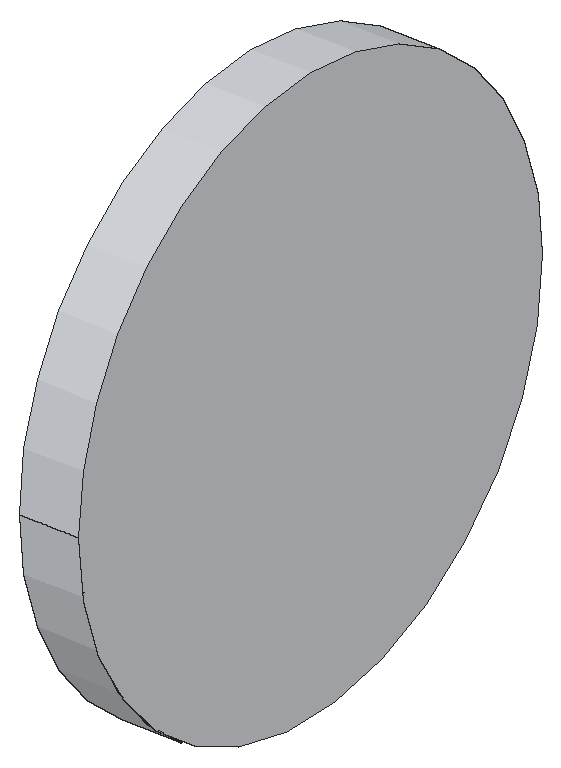
Revit family "a2539f2f656849d39d16a79f4be2d658", category Pipe Fittings, Revit 2021
Family settings
  Round Connector Dimension = Use Radius
  Part Type = Cap
  OmniClass Number = 23.60.30.11.14
  OmniClass Title = Pipework Fittings
  Seek Item ID = Flange - Blind - GI - Class 125-0000-USA-ENU
  Work Plane-Based = No
  Always vertical = Yes
  Cut with Voids When Loaded = No
  Shared = No
Parameters (values of type "Standard")
  Visibility 1 [instance] = Nominal Diameter > 0' 10"  # no
  Tick Size [instance] = Flange Diameter * 0.4  # 1.70079"
  Nominal Radius [instance] = 1/2"
  Nominal Diameter [instance] = Nominal Radius * 2  # 1"
  Wall Thickness [instance] = size_lookup(Lookup Table Name, "WThk", 0.03 * Nominal Diameter + 117/256", Nominal Diameter)  # 0.37795"
  Loss Method = Not Defined
  Lookup Table Name = "Flange - Blind - GI - Class 125"
  Length 4 [instance] = Length 2 * sin(Angle)  # 0.43939"
  Length 2 [instance] = if(Port Diameter + Wall Thickness > Length 1 + Flange Thickness, Port Diameter + Wall Thickness, Length 1 + Flange Thickness + 1/16")  # 1.3622"
  Length 1 [instance] = Port Diameter * cos(30.00°)  # 0.85239"
  Port Radius [instance] = Port Diameter / 2  # 0.49213"
  Port Diameter [instance] = size_lookup(Lookup Table Name, "PDia", 1.02 * Nominal Diameter + 1/64", Nominal Diameter)  # 0.98425"
  Flange Thickness [instance] = size_lookup(Lookup Table Name, "FThk", 0.05 * Nominal Diameter + 161/256", Nominal Diameter)  # 0.43701"
  Flange Radius [instance] = Flange Diameter / 2  # 2.12598"
  Flange Diameter [instance] = size_lookup(Lookup Table Name, "FDia", 1.19 * Nominal Diameter + 3 31/32", Nominal Diameter)  # 4.25197"
  Default Elevation = 0' - 0"
  Angle [instance] = acos((Length 1 + Flange Thickness) / Length 2)  # 18.8176°
Reference planes (in)
  plane 1 "Center (Front/Back)": y = 0
  plane 2: z = 0
  plane 3 "Center (Left/Right)": x = 0
  plane 4: y = 1.70079
  plane 5: y = -1.70079
  plane 6: x = 0.43701
  plane 7: x = 0.43701
  plane 8: x = -0.85239
  plane 9: y = 0.43939
  plane 10: x = 0.50982
Forms (in)
  Extrusion 1, solid, detail levels fine
    sketch origin (0, 0, 0) x (0, 1, 0) y (0, 0, 1)
      loop
        circle (0, 0) r 2.12598
    from 0 to 0.43701
  Revolve 2, solid, visible <- "Visibility 1", detail levels fine
    sketch origin (0, 0, 0) x (1, 0, 0) y (0, 1, 0)
      loop
        line (0.43701, 0.43939) -> (0.43701, 0) -> (0.50982, 0)
        arc (0.50982, 0) -> (0.49149, 0.22269) -> (0.43701, 0.43939) r 1.3622
      axis (0.50982, 0) -> (0.43701, 0)
    angle from 0 to 360
Lines and regions (in)
  model lines, detail levels coarse+medium
    curve 1: line (0, 1.70079, 0) -> (0, -1.70079, 0)
Dimensions and locks (in)
  equal spacing: plane 4, plane 1 "Center (Front/Back)", plane 5
  "Tick Size": plane 4 to plane 1 "Center (Front/Back)"
  "Flange Thickness": plane 3 "Center (Left/Right)" to plane 6
  "Length 1": plane 8 to plane 3 "Center (Left/Right)"
  "Length 4": plane 9 to plane 1 "Center (Front/Back)"
  "Length 2": plane 8 to plane 10
  "Flange Radius": radius of Extrusion 1 sketch curve
  "Length 2": radius of Revolve 2 sketch curve
  "Angle": angle Revolve 2 sketch curve to Revolve 2 sketch curve
  aligned and locked: plane 1 "Center (Front/Back)" to Extrusion 1 sketch curve
  aligned and locked: plane 2 to Extrusion 1 sketch curve
  aligned and locked: Extrusion 1 to plane 3 "Center (Left/Right)"
  aligned and locked: plane 6 to Extrusion 1
  aligned and locked: plane 4 to curve 1
  aligned and locked: plane 5 to curve 1
  aligned and locked: curve 1 to plane 3 "Center (Left/Right)"
  aligned and locked: plane 9 to Revolve 2 sketch curve
  aligned and locked: Revolve 2 sketch curve to plane 6
  aligned and locked: plane 1 "Center (Front/Back)" to Revolve 2 sketch curve  (x3)
  aligned and locked: plane 6 to Revolve 2 sketch curve
  aligned and locked: plane 10 to Revolve 2 sketch curve
  aligned and locked: plane 8 to Revolve 2 sketch curve
  aligned and locked: Revolve 2 sketch curve to plane 1 "Center (Front/Back)"
Automatic sketch dimensions
  Revolve 2 sketch curve to plane 8 = 3' - 6.67949"
  Revolve 2 sketch curve to Revolve 2 sketch curve = 4' - 7.12171"
Connectors (in)
  piping at (0, 0, 0), diameter 1, driven by "Nominal Radius"
    settings: on Extrusion 1, index 1, connector inside diameter 1", connector length 0' - 0", flow factor 0, pipe flow 0 GPM, pressure drop 0.00 psi, fitting loss kfactor 0, connector angle 0.00°, fixture units 0, engagement length 0' - 0", angle of deflection 0.00°, flow configuration 0, flow direction 0, fitting loss method 0, system type 28, joint type 0, gender type 0, connector reference index -1, connector utility 0, adjustable connector no, is connector primary yes, connector description ""
